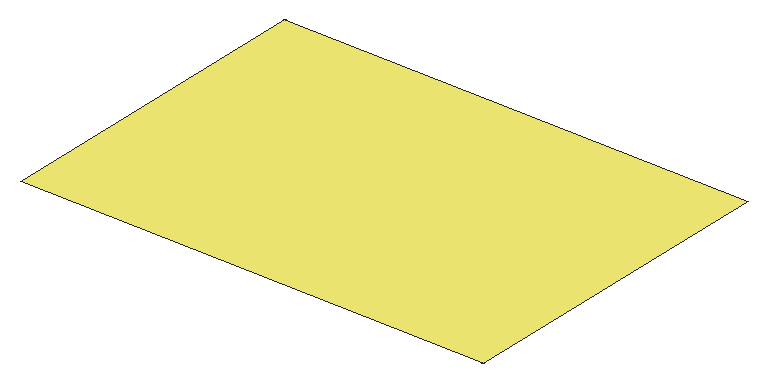
Revit family "Foundation-Barrier-Stego-Wrap-Vapor_Retarder", category Specialty Equipment, host Face, Revit 2020
Family settings
  Host = Face
  Round Connector Dimension = Use Diameter
  Part Type = Normal
  OmniClass Number = 23.25.05.21
  OmniClass Title = Special Foundations
  Cut with Voids When Loaded = No
  Shared = No
  Room Calculation Point = No
Parameters (values of type "Stego® Wrap Class A Vapor Retarder 10 mils")
  Youtube clip = "https://www.youtube.com/watch?v=hz5IgqznNhU"
  Width Max Validate [instance] = if(Width > 14' 0", 14' 0", Width)  # 14' - 0"
  Width [instance] = 14' - 0"
  Weight Net (Kg) = "0"
  Vapor Barrier Thickness = "10 mils"
  Uniformat II Description = ""
  Uniformat II Code = ""
  Uniclass 2015 Name = ""
  Uniclass 2015 Code = ""
  Uniclass 2.0 Description = ""
  Uniclass 2.0 Code = ""
  Uniclass 1.4 Description = ""
  Uniclass 1.4 Code = ""
  URL = "http://www.stegoindustries.com"
  UNSPSC Code = ""
  Type Comments = ""
  Technical description = "Under-Slab Vapor Retarder"
  Stego Vapor Barrier = Stego® Wrap Class C Vapor Retarder
  Region South America = "CL, PE"
  Region Oceania = "AU, NZ"
  Region North America = "AG, AI, AW, BB, BL, BM, BQ, BS, BZ, CA, CR, CU, CW, DM, DO, GD, GL, GP, GT, HN, HT, JM, KN, KY, LC, MF, MQ, MS, MX, NI, PA, PM, PR, SV, SX, TC, TT, US, VC, VG, VI"
  Region Middle East = "None"
  Region Europe = "None"
  Region Asia = "None"
  Region Antarctica = "None"
  Region Africa = "None"
  QR code = "http://bimobject.com/stego-industries/product/stego001"
  Product url = "https://www.stegoindustries.com/products/vapor-retarder-10-mil-a"
  Product group = "Stego Wrap"
  Product family = "Thermal and Moisture Protective Products"
  Product data url = "https://bimobject.com/stego-industries/product/stego001"
  Product certification = "https://www.stegoindustries.com/contact-us/technical-assistance"
  Product SKU = "stego001"
  Product Page URL = "https://www.stegoindustries.com/products/vapor-retarder-10-mil-a"
  Product Guid = "90038d3d-66a8-4364-87c4-b1adead07e54"
  Product Documentation Link = "https://www.stegoindustries.com/hubfs/Data-Sheets/Stego-Wrap-Class-A-Vapor-Retarder-Data-Sheet.pdf"
  OmniClass Description = ""
  OmniClass Code = ""
  Nominal width = 0' - 0"
  Nominal height = 0' - 0"
  NBS Reference Description = ""
  NBS Reference Code = ""
  Model = "Stego® Wrap Class A Vapor Retarder (10 mils)"
  Max Length Note = "Maximum roll length is 210'."  # constant formula
  Material secondary = ""
  Material main = "Polyethylene"
  Masterformat 2014 Description = "Vapor Retarders"
  Masterformat 2014 Code = "07 26 00"
  Manufacturer name = "Stego Industries, LLC"
  Manufacturer country = "United States"
  Manufacturer = "Stego Industries, LLC"  # constant formula
  Low Emitting Material = yes
  Length [instance] = 10' - 0"
  Installation instructions = "https://www.stegoindustries.com/hubfs/Installation/Stego_Wrap_Vapor_Barrier_Retarder-Installation_Instructions-.pdf"
  IFC Classification = ""
  Edition number = 1
  EAN code = ""
  Design country = "United States"
  Description = "Stego® Wrap Class A Vapor Retarder (10-mil) is an exceptional under-slab vapor retarder.  Stego Wrap Class A Vapor Retarder is a multi-layer plastic extrusion manufactured with only high grade prime, virgin, polyolefin resins. Stego Wrap Class A Vapor Retarder can be used in systems for the control of soil gases (radon, methane), soil poisons (oil by-products) and sulfates."
  Default Elevation = 0' - 0"
  Date of publishing = "8/16/2017"
  COBIe Type Category = ""
  Brand url = "http://www.stegoindustries.com"
  BIMobject category = "Waterproofing & Membranes"
  ASTM = "Exceeds ASTM E1745 Class A Requirements"
Types (2): name | QR code | Product url | Product data url | Product SKU | Product Page URL | Product Documentation Link | Model | Description | ASTM
  Stego® Wrap Class A Vapor Retarder 10 mils | "http://bimobject.com/stego-industries/product/stego001" | "https://www.stegoindustries.com/products/vapor-retarder-10-mil-a" | "https://bimobject.com/stego-industries/product/stego001" | "stego001" | "https://www.stegoindustries.com/products/vapor-retarder-10-mil-a" | "https://www.stegoindustries.com/hubfs/Data-Sheets/Stego-Wrap-Class-A-Vapor-Retarder-Data-Sheet.pdf" | "Stego® Wrap Class A Vapor Retarder (10 mils)" | "Stego® Wrap Class A Vapor Retarder (10-mil) is an exceptional under-slab vapor retarder.  Stego Wrap Class A Vapor Retarder is a multi-layer plastic extrusion manufactured with only high grade prime, virgin, polyolefin resins. Stego Wrap Class A Vapor Retarder can be used in systems for the control of soil gases (radon, methane), soil poisons (oil by-products) and sulfates." | "Exceeds ASTM E1745 Class A Requirements"
  Stego® Wrap Class C Vapor Retarder 10 mils | "http://bimobject.com/stego-industries/product/stego004" | "https://www.stegoindustries.com/products/vapor-retarder-10-mil-c" | "https://bimobject.com/stego-industries/product/stego004" | "stego004" | "https://www.stegoindustries.com/products/vapor-retarder-10-mil-c" | "https://www.stegoindustries.com/hubfs/Data-Sheets/Stego-Wrap-Class-C-Vapor-Retarder-Data-Sheet.pdf" | "Stego® Wrap Class C Vapor Retarder (10 mils)" | "Stego® Wrap Class C Vapor Retarder (10-mil) is used as an exceptional vapor retarder, and as a protection course for below grade waterproofing applications.  Stego Wrap Class C Vapor Retarder is a multi-layer plastic extrusion manufactured with only the highest grade of prime, virgin, polyolefin resins. Stego Wrap Class C can be used in systems for the control of soil gases (radon, methane), soil poisons (oil by-products) and sulfates. Stego Wrap Class C Vapor Retarder exceeds the requirements of ASTM E1745 Class C and is engineered with a low permeance." | "Meets ASTM E1745 Requirements"
Reference planes (in)
  plane 1 "Center (Front/Back)": y = 0
  plane 2: z = 0
  plane 3 "Center (Left/Right)": x = 0
  plane 4: x = -84
  plane 5: x = 84
  plane 6: y = 60
  plane 7: x = -78
  plane 8 "Start Roll Length": y = 60
  plane 9 "Left Vapor Barrier": x = -84
  plane 10 "Right Vapor Barrier": x = 84
  plane 11: y = -60
  plane 12: x = 78
Forms (in)
  Extrusion 1, solid, material "Stego® Wrap Class C Vapor Retarder" <- "Stego Vapor Barrier"
    sketch origin (0, 0, 0) x (1, 0, 0) y (0, 1, 0)
      loop
        line (-84, -60) -> (84, -60) -> (84, 60) -> (-84, 60) -> (-84, -60)
    from 0 to 0.0625
Lines and regions (in)
  Masking region 1
    outline origin (0, 0, 0) x (1, 0, 0) y (0, 1, 0)
      loop
        line (-84, 60) -> (-84, -60) -> (84, -60) -> (84, 60) -> (-84, 60)
  Masking region 2
    outline origin (0, 0, 0) x (1, 0, 0) y (0, 0, 1)
      loop
        line (-84, 0.0625) -> (-84, 0) -> (84, 0) -> (84, 0.0625) -> (-84, 0.0625)
  Masking region 3
    outline origin (0, 0, 0) x (0, 1, 0) y (0, 0, 1)
      loop
        line (60, 0.0625) -> (-60, 0.0625) -> (-60, 0) -> (60, 0) -> (60, 0.0625)
  model lines, style "InvisibleLines", detail levels medium+fine
    curve 1: line (-78, 60, 0) -> (-78, -60, 0)
    curve 2: line (78, 60, 0) -> (78, -60, 0)
Dimensions and locks (in)
  equal spacing: plane 4, plane 3 "Center (Left/Right)", plane 5
  equal spacing: plane 9 "Left Vapor Barrier", plane 3 "Center (Left/Right)", plane 10 "Right Vapor Barrier"
  "Width Max Validate": plane 9 "Left Vapor Barrier" to plane 10 "Right Vapor Barrier"
  locked: plane 9 "Left Vapor Barrier" to plane 7 at 6
  "Length": plane 8 "Start Roll Length" to plane 11
  locked: plane 12 to plane 10 "Right Vapor Barrier" at 6
  aligned and locked: plane 2 to host face
  aligned and locked: level to host face
  aligned and locked: Extrusion 1 sketch curve to plane 11
  aligned and locked: Extrusion 1 sketch curve to plane 9 "Left Vapor Barrier"
  aligned and locked: plane 8 "Start Roll Length" to Extrusion 1 sketch curve
  aligned and locked: plane 10 "Right Vapor Barrier" to Extrusion 1 sketch curve
  aligned and locked: curve 1 to plane 7
  aligned and locked: plane 11 to curve 1
  aligned and locked: plane 8 "Start Roll Length" to curve 1
  aligned and locked: curve 2 to plane 12
  aligned and locked: plane 11 to curve 2
  aligned and locked: plane 8 "Start Roll Length" to curve 2
  aligned and locked: Masking region 1 sketch curve to Extrusion 1  (x4)
  aligned and locked: Masking region 2 sketch curve to Extrusion 1  (x3)
  aligned and locked: Masking region 2 sketch curve to level
  aligned and locked: Masking region 3 sketch curve to Extrusion 1  (x3)
  aligned and locked: Masking region 3 sketch curve to curve 1
Automatic sketch dimensions
  host sketch curve to host sketch curve = 0' - 0.12811"
  host sketch curve to host sketch curve = 0' - 0.07762"
